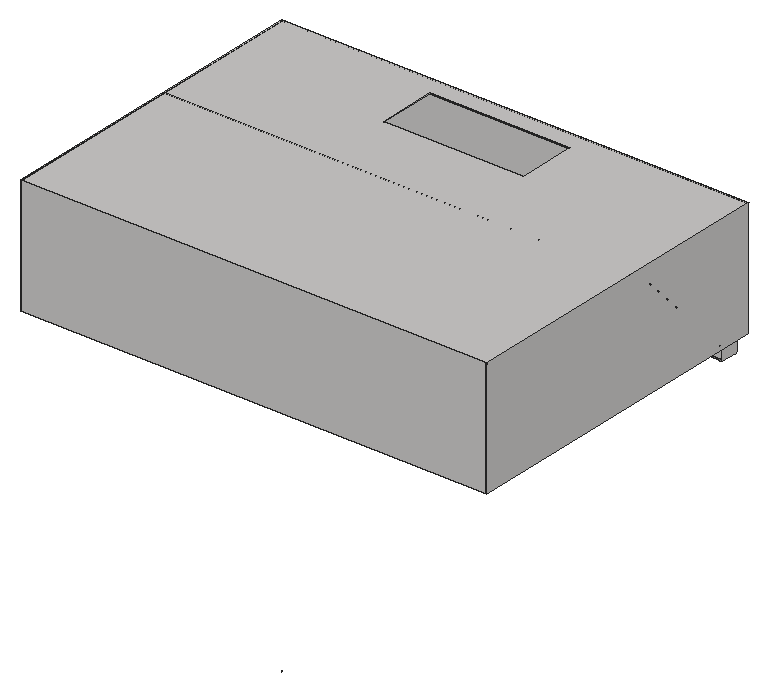
Revit family "QF_ELECTROLUXPROFESSIONAL_642025_EP1420T", category Specialty Equipment, Revit 2014
Reference planes
  plane 1: z = 0
  plane 2 "Center (Left/Right)": x = 150
  plane 3 "LEFT": x = -850
  plane 4 "RIGHT": x = 1150
  plane 5 "BACK": y = 550
  plane 6 "TOP": z = 2500
  plane 7 "Base": z = 2000
  plane 8: z = 1926
  plane 9 "DrainY": y = 485
  plane 10: x = -847
  plane 11: through (0, 414.509, 2000.8) normal (0, 0.7314, 0.682)
  plane 12: y = 470
  plane 13: y = 220
  plane 14 "DrainX": x = 1030
  plane 15: x = -150
  plane 16: x = 450
  plane 17: x = 1147
  plane 18: x = 940
  plane 19: x = 1120
  plane 20: x = -810
  plane 21: x = 1110
  plane 22: x = -47.5
  plane 23: x = 347.5
  plane 24 "Center (Front/Back)": y = -150
  plane 25 "Front": y = -850
Forms (mm)
  Extrusion 1, solid, material "QF_Finishes_Stainless Steel"
    sketch origin (-850, 0, 360) x (0, 1, 0) y (0, 0, 1)
      loop
        line (550, 1640) -> (550, 2140) -> (-850, 2140) -> (-850, 1640) -> (550, 1640)
    from 0 to 3
  Extrusion 2, solid, material "QF_Finishes_Stainless Steel"
    sketch origin (150, 0, 360) x (0, 1, 0) y (0, 0, 1)
      loop
        line (415.255, 1640) -> (550, 1640) -> (550, 2139.19) -> (549.2, 2139.19) -> (549.2, 1640.8) -> (415.876, 1640.8) -> (339.347, 1722.867) -> (349.609, 1732.436) -> (348.927, 1733.167) -> (337.934, 1722.917) -> (415.255, 1640)
      loop
        line (-82.203, 2139.19) -> (-82.203, 2118.6) -> (-31.047, 2118.6) -> (34.354, 2048.466) -> (46.028, 2059.352) -> (45.346, 2060.083) -> (34.403, 2049.879) -> (-30.612, 2119.6) -> (-81.203, 2119.6) -> (-81.203, 2139.19) -> (-82.203, 2139.19)
    from -997 to 997
  Extrusion 3, solid, material "QF_Finishes_Stainless Steel"
    sketch origin (1150, 0, 360) x (0, 1, 0) y (0, 0, 1)
      loop
        line (550, 1640) -> (550, 2140) -> (-850, 2140) -> (-850, 1640) -> (550, 1640)
    from 0 to -3
  Extrusion 4, solid, material "QF_Finishes_Stainless Steel"
    sketch origin (150, 0, 360) x (0, 1, 0) y (0, 0, 1)
      loop
        line (-850, 2140) -> (-850, 1640) -> (-849.2, 1640) -> (-849.2, 2139.19) -> (550, 2139.19) -> (550, 2140) -> (-850, 2140)
    from -1000 to 1000
  Extrusion 5, solid, material "QF_Finishes_Stainless Steel"
    sketch origin (150, 0, 360) x (0, 1, 0) y (0, 0, 1)
      loop
        line (534, 1640) -> (436, 1640) -> (436, 1627) -> (443.5, 1627) -> (443.5, 1576)
        arc (443.5, 1576) -> (446.429, 1568.929) -> (453.5, 1566) r 10
        line (453.5, 1566) -> (516.5, 1566)
        arc (516.5, 1566) -> (523.571, 1568.929) -> (526.5, 1576) r 10
        line (526.5, 1576) -> (526.5, 1627) -> (534, 1627) -> (534, 1640)
    from 790 to 970
  Extrusion 6, solid, material "QF_Finishes_Stainless Steel"
    sketch origin (0, 0, 2000) x (0, 1, 0) y (-1, 0, 0)
      loop
        circle (485, -1030) r 20
    from -76 to -74
  Extrusion 7, solid, material "QF_Finished_Chrome"
    sketch origin (150, 0, 360) x (0, 1, 0) y (0, 0, 1)
      loop
        line (337.934, 1722.917) -> (341.591, 1726.327) -> (38.011, 2051.876) -> (34.354, 2048.466) -> (337.934, 1722.917)
    from -197.5 to -960
  Extrusion 8, solid, material "QF_Finishes_Stainless Steel"
    sketch origin (150, 0, 360) x (0, 1, 0) y (0, 0, 1)
      loop
        line (337.934, 1722.917) -> (341.591, 1726.327) -> (38.011, 2051.876) -> (34.354, 2048.466) -> (337.934, 1722.917)
    from 997 to 960
  Extrusion 9, solid, material "QF_Finished_Chrome"
    sketch origin (150, 0, 360) x (0, 1, 0) y (0, 0, 1)
      loop
        line (341.588, 1726.324) -> (38.009, 2051.874) -> (34.354, 2048.466) -> (337.934, 1722.917) -> (341.588, 1726.324)
    from 197.5 to 960
  Extrusion 10, void
    sketch origin (0, 0, 2500) x (0, 1, 0) y (-1, 0, 0)
      loop
        line (470, -450) -> (470, 150) -> (220, 150) -> (220, -450) -> (470, -450)
    from 0 to -10
  Extrusion 11, solid, material "QF_Finishes_Stainless Steel"
    sketch origin (0, 0, 0) x (1, 0, 0) y (0, 1, 0)
      loop
        line (-850, 550) -> (-850, 549) -> (-849, 549) -> (-849, 550) -> (-850, 550)
    from 0 to 1
  Extrusion 12, solid, material "QF_Finishes_Stainless Steel"
    sketch origin (150, 0, 360) x (0, 1, 0) y (0, 0, 1)
      loop
        line (337.934, 1722.917) -> (341.591, 1726.327) -> (38.011, 2051.876) -> (34.354, 2048.466) -> (337.934, 1722.917)
    from -960 to -997
  Extrusion 13, solid, material "QF_Finishes_Stainless Steel"
    sketch origin (150, 0, 360) x (0, 1, 0) y (0, 0, 1)
      loop
        line (337.934, 1722.917) -> (341.591, 1726.327) -> (38.011, 2051.876) -> (34.354, 2048.466) -> (337.934, 1722.917)
    from 197.5 to -197.5
Cuts and joins
  Extrusion 10 cuts Extrusion 4
  joined: Extrusion 2, Extrusion 4
Lines and regions (mm)
  reference lines
    curve 1: line (150, 34.354, 2408.466) -> (150, 34.354, 2248.466)
  symbolic lines, style "SpecialityEquipment", detail levels coarse
    curve 2: line (1150, 550, 2500) -> (-850, 550, 2500)
    curve 3: line (-850, 550, 2500) -> (-850, -850, 2500)
    curve 4: line (1150, -850, 2500) -> (1150, 550, 2500)
    curve 5: line (-850, -850, 2500) -> (1150, -850, 2500)
    curve 6: line (450, 220, 2500) -> (-150, 220, 2500)
    curve 7: line (450, 470, 2500) -> (450, 220, 2500)
    curve 8: line (-150, 470, 2500) -> (450, 470, 2500)
    curve 9: line (-150, 220, 2500) -> (-150, 470, 2500)
    curve 10: line (-850, 550, 0) -> (1150, -850, 0)
    curve 11: line (1150, 550, 0) -> (-850, -850, 0)
Dimensions and locks
  plane 3 "LEFT" to plane 4 "RIGHT" = 2000 mm
  equal spacing: plane 3 "LEFT", plane 2 "Center (Left/Right)", plane 4 "RIGHT"
  plane 7 "Base" to plane 8 = 74 mm
  plane 5 "BACK" to plane 9 "DrainY" = 65 mm  (x2)
  plane 3 "LEFT" to plane 10 = 3 mm
  plane 5 "BACK" to plane 12 = 80 mm
  plane 12 to plane 13 = 250 mm  (x2)
  plane 14 "DrainX" to plane 4 "RIGHT" = 120 mm
  plane 17 to plane 4 "RIGHT" = 3 mm
  locked: plane 18 to plane 14 "DrainX" at 90
  locked: plane 14 "DrainX" to plane 19 at 90
  plane 12 to plane 5 "BACK" = 80 mm
  locked: plane 3 "LEFT" to plane 20 at 40
  locked: plane 21 to plane 4 "RIGHT" at 40
  locked: plane 22 to plane 23 at 395
  equal spacing: plane 22, plane 2 "Center (Left/Right)", plane 23
  locked: plane 15 to plane 16 at 600
  equal spacing: plane 15, plane 2 "Center (Left/Right)", plane 16
  locked: plane 7 "Base" to level at 2000
  locked: plane 6 "TOP" to plane 7 "Base" at 500
  plane 5 "BACK" to plane 25 "Front" = 1400 mm  (x2)
  equal spacing: plane 5 "BACK", plane 24 "Center (Front/Back)", plane 25 "Front"
  aligned and locked: level to plane 1
  aligned and locked: Extrusion 2 to Extrusion 1
  aligned and locked: Extrusion 2 to Extrusion 3
  aligned and locked: plane 4 "RIGHT" to Extrusion 4
  aligned and locked: Extrusion 4 to plane 3 "LEFT"
  aligned and locked: plane 17 to Extrusion 8
  aligned and locked: Extrusion 10 to plane 15
  aligned and locked: Extrusion 10 to plane 13
  aligned and locked: Extrusion 10 to plane 12
  aligned and locked: Extrusion 2 to Extrusion 4
  aligned and locked: plane 19 to Extrusion 5
  aligned and locked: Extrusion 5 to plane 18
  aligned and locked: Extrusion 8 to plane 21
  aligned and locked: Extrusion 9 to plane 21
  aligned and locked: Extrusion 7 to plane 20
  aligned and locked: Extrusion 12 to plane 10
  aligned and locked: plane 20 to Extrusion 12
  aligned and locked: Extrusion 3 to plane 17
  aligned and locked: Extrusion 10 to plane 16
  aligned and locked: plane 16 to curve 7
  aligned and locked: plane 23 to Extrusion 13
  aligned and locked: Extrusion 13 to plane 22
  aligned and locked: Extrusion 9 to plane 23
Automatic sketch dimensions
  Extrusion 2 sketch curve to plane 11 = 0 mm  (x3)
  Extrusion 2 sketch curve to plane 7 "Base" = 0 mm
  plane 11 to Extrusion 2 sketch curve = 0 mm
  Extrusion 2 sketch curve to plane 5 "BACK" = 0 mm
  Extrusion 2 sketch curve to Extrusion 2 sketch curve = 65.646 mm
  Extrusion 2 sketch curve to Extrusion 2 sketch curve = 0.682 mm  (x2)
  Extrusion 2 sketch curve to Extrusion 2 sketch curve = 10.261 mm
  plane 7 "Base" to Extrusion 2 sketch curve = 82.917 mm
  Extrusion 2 sketch curve to Extrusion 2 sketch curve = 10.942 mm
  Extrusion 2 sketch curve to Extrusion 2 sketch curve = 0.049 mm
  Extrusion 2 sketch curve to plane 6 "TOP" = 20.4 mm
  Extrusion 2 sketch curve to plane 6 "TOP" = 21.4 mm
  Extrusion 2 sketch curve to plane 6 "TOP" = 0.81 mm  (x2)
  Extrusion 2 sketch curve to Extrusion 2 sketch curve = 50.156 mm
  Extrusion 2 sketch curve to Extrusion 2 sketch curve = 1 mm
  plane 7 "Base" to Extrusion 2 sketch curve = 0.8 mm
  Extrusion 2 sketch curve to plane 5 "BACK" = 0.8 mm
  Extrusion 3 sketch curve to plane 7 "Base" = 0 mm
  Extrusion 3 sketch curve to plane 5 "BACK" = 0 mm
  Extrusion 3 sketch curve to plane 6 "TOP" = 0 mm
  Extrusion 4 sketch curve to plane 5 "BACK" = 0 mm
  Extrusion 4 sketch curve to plane 6 "TOP" = 0 mm
  Extrusion 4 sketch curve to plane 6 "TOP" = 0.81 mm
  curve 1 to plane 11 = 0 mm
  Extrusion 5 sketch curve to plane 7 "Base" = 0 mm
  Extrusion 5 sketch curve to plane 8 = 0 mm
  Extrusion 5 sketch curve to plane 7 "Base" = 13 mm  (x2)
  plane 12 to Extrusion 5 sketch curve = 34 mm
  Extrusion 5 sketch curve to Extrusion 5 sketch curve = 7.5 mm  (x2)
  Extrusion 5 sketch curve to Extrusion 5 sketch curve = 10 mm
  plane 9 "DrainY" to Extrusion 5 sketch curve = 31.5 mm
  Extrusion 5 sketch curve to plane 5 "BACK" = 23.5 mm
  Extrusion 6 sketch curve to plane 9 "DrainY" = 0 mm
  Extrusion 6 sketch curve to plane 14 "DrainX" = 0 mm
  Extrusion 7 sketch curve to plane 11 = 0 mm  (x2)
  Extrusion 7 sketch curve to Extrusion 7 sketch curve = 3.657 mm
  plane 7 "Base" to Extrusion 7 sketch curve = 82.917 mm
  Extrusion 8 sketch curve to plane 11 = 0 mm  (x2)
  Extrusion 8 sketch curve to Extrusion 8 sketch curve = 3.657 mm
  plane 7 "Base" to Extrusion 8 sketch curve = 82.917 mm
  Extrusion 9 sketch curve to plane 11 = 0 mm  (x2)
  Extrusion 9 sketch curve to Extrusion 9 sketch curve = 3.655 mm
  plane 7 "Base" to Extrusion 9 sketch curve = 82.917 mm
  Extrusion 10 sketch curve to plane 13 = 0 mm
  plane 12 to Extrusion 10 sketch curve = 0 mm
  Extrusion 10 sketch curve to plane 16 = 0 mm
  Extrusion 10 sketch curve to plane 15 = 0 mm
  Extrusion 11 sketch curve to plane 3 "LEFT" = 0 mm
  Extrusion 11 sketch curve to plane 5 "BACK" = 0 mm
  plane 3 "LEFT" to Extrusion 11 sketch curve = 1 mm
  Extrusion 11 sketch curve to Extrusion 11 sketch curve = 1 mm
  Extrusion 12 sketch curve to plane 11 = 0 mm  (x2)
  Extrusion 12 sketch curve to Extrusion 12 sketch curve = 3.657 mm
  plane 7 "Base" to Extrusion 12 sketch curve = 82.917 mm
  Extrusion 13 sketch curve to plane 11 = 0 mm  (x2)
  Extrusion 13 sketch curve to Extrusion 13 sketch curve = 3.657 mm
  plane 7 "Base" to Extrusion 13 sketch curve = 82.917 mm
  Extrusion 1 sketch curve to plane 5 "BACK" = 0 mm
  Extrusion 1 sketch curve to plane 6 "TOP" = 0 mm
  Extrusion 1 sketch curve to plane 7 "Base" = 0 mm
  Extrusion 4 sketch curve to plane 7 "Base" = 0 mm
  curve 1 to curve 1 = 160 mm
  Extrusion 4 sketch curve to Extrusion 4 sketch curve = 0.8 mm
  Extrusion 1 sketch curve to plane 13 = 1070 mm
  Extrusion 2 sketch curve to plane 6 "TOP" = 91.534 mm
  Extrusion 3 sketch curve to plane 13 = 1070 mm
  Extrusion 4 sketch curve to plane 13 = 1069.2 mm
  curve 1 to plane 13 = 185.646 mm
  Extrusion 7 sketch curve to plane 6 "TOP" = 88.124 mm
  Extrusion 8 sketch curve to plane 6 "TOP" = 88.124 mm
  Extrusion 9 sketch curve to plane 6 "TOP" = 88.126 mm
  Extrusion 12 sketch curve to plane 6 "TOP" = 88.124 mm
  Extrusion 13 sketch curve to plane 6 "TOP" = 88.124 mm
  curve 11 to plane 3 "LEFT" = 0 mm
  curve 10 to plane 3 "LEFT" = 0 mm
  curve 11 to plane 4 "RIGHT" = 0 mm
  curve 10 to plane 4 "RIGHT" = 0 mm
  plane 25 "Front" to curve 10 = 0 mm
  plane 25 "Front" to curve 11 = 0 mm
  curve 11 to plane 5 "BACK" = 0 mm
  curve 10 to plane 5 "BACK" = 0 mm
  curve 3 to plane 3 "LEFT" = 0 mm
  plane 25 "Front" to curve 3 = 0 mm
  curve 4 to plane 4 "RIGHT" = 0 mm
  curve 6 to plane 13 = 0 mm
  plane 12 to curve 8 = 0 mm
  curve 3 to plane 5 "BACK" = 0 mm
  curve 6 to plane 15 = 0 mm
  radius of Extrusion 6 sketch curve = 20 mm
Connectors
  piping at (1030, 485, 1924), diameter 20
    settings: on Extrusion 6, index 1, connector inside diameter 609.6 mm, connector length 0 mm, flow factor 0, pipe flow 0.0 L/s, pressure drop 0.0 Pa, fitting loss kfactor 0, connector angle 0.00°, fixture units 0, engagement length 0 mm, angle of deflection 0.00°, flow configuration 1, flow direction 2, fitting loss method 0, system type 16, joint type 0, gender type 0, connector reference index -1, connector utility 0, adjustable connector no, is connector primary yes, connector description "Drain"
  hvac at (150, 345, 2500)
    settings: on Extrusion 10, index 2, duct flow 0.0 L/s, flow factor 0, pres drop 0.0 Pa, loss coef 0, conn angle 0.00°, conn width 250 mm, conn height 600 mm, conn diameter 609.6 mm, duct sys type 3, conn prof type 1, flow config 0, flow direction 2, loss method 0, conn ref index -1, conn util no, is conn primary yes, conn desc "EXHAUST OUTLET"
